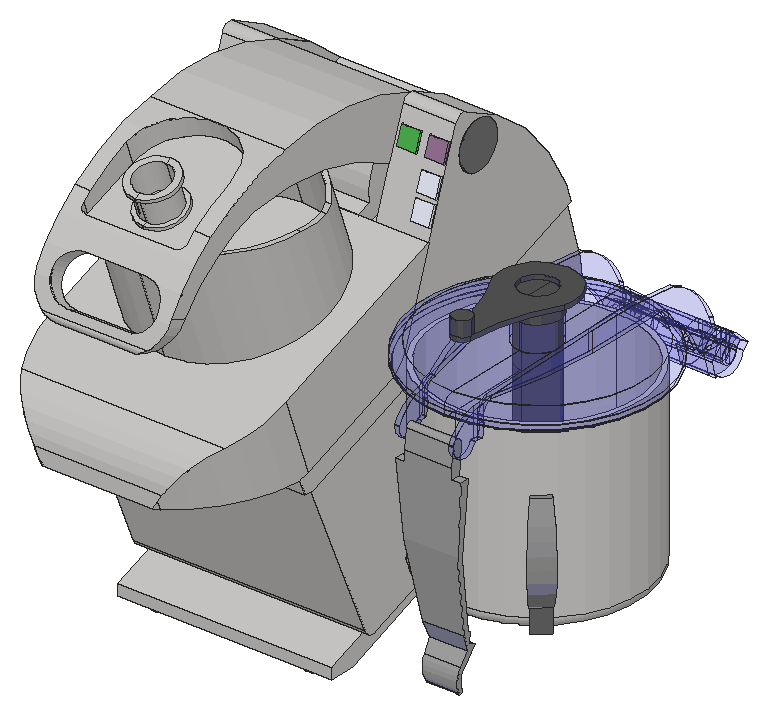
Revit family "QF_DITOSAMA_600428_DTRK45YA", category Specialty Equipment, Revit 2018
Family settings
  Round Connector Dimension = Use Diameter
  Part Type = Normal
  Work Plane-Based = No
  Always vertical = Yes
  Cut with Voids When Loaded = No
  Shared = No
  Room Calculation Point = No
Parameters (values of type "QF_DITO SAMA_600428_DTRK45YA")
  Weight = 27.40 kg
  Watts = 0 W
  Volts = 200 V
  URL Manufacturer = "http://www.ditosama.com"
  URL = "http://www.ditosama.com"
  Steam Supply Size = 0 mm
  Steam Supply Minimum Pressure = 0.0 Pa
  Steam Supply Maximum Pressure = 0.0 Pa
  Steam Pounds per Hour = 0
  Refrigeration Suction Line Size = 0 mm
  Refrigeration Liquid Line Size = 0 mm
  Refrigerant Compressor Remote = yes
  Manufacturer = "Dito Sama"
  Phase = 1
  Model = "DTRK45YA"
  Length Actual = 252 mm  # constant formula
  Item Number = "600428"
  Hot Water Size = 0 mm
  Height Actual = 505 mm  # constant formula
  HP = "1.3 HP"
  Gas Size = 0 mm
  Gas KW = 0
  Gas Input Pressure = 0 W
  Direct Waste Size = 0 mm
  Description = "CUTTER/SLICER 4.5L VARIAB.SPEED-1000W-200-240/1/50-60-AUSTRALIA"
  Depth Actual = 485 mm  # constant formula
  Cycle = 60 Hz
  Condensate Return Size = 0 mm
  Compressed Air Volume = 0.0 L/s
  Compressed Air Size = 0 mm
  Compressed Air Pressure = 0.0 Pa
  Cold Water Size = 0 mm
  Accessory = yes
Reference planes
  plane 1 "Center (Front/Back)": y = 0
  plane 2: z = 0
  plane 3 "Center (Left/Right)": x = 0
  plane 4 "BASE": through (-1506.947, -1354.442, -482.669) normal (0, -0.342, 0.9397)
  plane 5 "TOP": z = 725
  plane 6 "FRONT": y = -250
  plane 7 "BACK": y = 250
  plane 8 "LEFT": x = -126
  plane 9 "RIGHT": x = 126
  plane 10 "BaseSup": through (4267.2, -355.454, 143.983) normal (0, -0.342, 0.9397)
  plane 11 "TopCylinder": z = 505
  plane 12 "panel": through (4267.2, 37.396, 376.789) normal (0, -0.9397, 0.342)
  plane 13 "TAN1": through (4267.2, -242.8, 386.84) normal (0, -0.868, 0.4965)
  plane 14 "cx": x = -4.392
  plane 15: z = 490
  plane 16: z = 685
  plane 17 "EI_1": z = 320
  plane 18: z = 224
  plane 19 "SupportOblique": through (4267.2, 163.975, 96.815) normal (0, 0.809, 0.5878)
  plane 20 "CX2": x = 350
Forms (mm)
  Extrusion 1, solid, material "QF_Finishes_Stainless Steel"
    sketch origin (0, 71.755, 29.173) x (0, 0.939693, 0.34202) y (0, -0.34202, 0.939693)
      loop
        line (196.964, 40) -> (-146.726, 40) -> (-150.519, 29.578) -> (-124.204, 20) -> (196.964, 20) -> (196.964, 40)
    from -114.1 to 114.1
  Extrusion 2, solid, material "QF_Finishes_Stainless Steel"
    sketch origin (0, 71.755, 29.173) x (0, 0.939693, 0.34202) y (0, -0.34202, 0.939693)
      loop
        arc (-117.754, 231.836) -> (-115.679, 141.222) -> (-107.501, 50.953) r 1344.145
        arc (-107.501, 50.953) -> (-103.371, 43.13) -> (-95.098, 40) r 12.5
        line (-95.098, 40) -> (191.415, 40)
        arc (191.415, 40) -> (200.799, 44.052) -> (207.001, 52.177) r 20.212
        arc (207.001, 52.177) -> (236.663, 139.796) -> (245.906, 231.836) r 409.593
        line (245.906, 231.836) -> (-117.754, 231.836)
    from -123.6 to 123.2
  Extrusion 3, solid, material "QF_Finishes_Stainless Steel"
    sketch origin (0, 71.755, 29.173) x (0, 0.939693, 0.34202) y (0, -0.34202, 0.939693)
      loop
        line (-117.754, 231.836) -> (250, 231.836) -> (250, 254)
        arc (250, 254) -> (225.127, 344.7) -> (167.861, 419.303) r 244.524
        arc (167.861, 419.303) -> (160.498, 421.774) -> (153.587, 418.23) r 10
        line (153.587, 418.23) -> (25.432, 265.5)
        arc (25.432, 265.5) -> (14.376, 257.016) -> (0.77, 254) r 32.194
        line (0.77, 254) -> (-128.224, 254) -> (-128.224, 236.946) -> (-117.754, 231.836)
    from -125 to 125
  Extrusion 4, void
    sketch origin (0, 71.755, 29.173) x (0, 0.939693, 0.34202) y (0, -0.34202, 0.939693)
      loop
        line (146.605, 338.403) -> (228.145, 338.403)
        arc (228.145, 338.403) -> (202.221, 381.996) -> (167.861, 419.303) r 244.524
        arc (167.861, 419.303) -> (160.498, 421.774) -> (153.587, 418.23) r 10
        line (153.587, 418.23) -> (72.34, 321.403) -> (146.605, 321.403) -> (146.605, 338.403)
    from -76.755 to 68.071
  Extrusion 5, solid, material "QF_Finishes_Stainless Steel"
    sketch origin (0, 71.755, 29.173) x (0, 0.939693, 0.34202) y (0, -0.34202, 0.939693)
      loop
        line (86.605, 338.403) -> (69.605, 321.403) -> (146.605, 321.403) -> (146.605, 338.403) -> (138.179, 338.403) -> (138.179, 369.367)
        arc (138.179, 369.367) -> (147.784, 373.474) -> (158.149, 372.174) r 19.987
        arc (158.149, 372.174) -> (156.791, 382.001) -> (162.888, 389.826) r 12.748
        arc (162.888, 389.826) -> (123.302, 374.774) -> (101.605, 338.403) r 64.447
        line (101.605, 338.403) -> (86.605, 338.403)
    from -65 to 50
  Extrusion 6, solid, material "QF_Finishes_Stainless Steel"
    sketch origin (539, 71.755, 29.173) x (0, -0.939693, -0.34202) y (0, -0.34202, 0.939693)
      loop
        circle (-169.102, 378.696) r 12.748
    from 489 to 604
  Extrusion 7, solid, material "QF_Finishes_Rubber Black"
    sketch origin (0, 71.755, 29.173) x (0, 0.939693, 0.34202) y (0, -0.34202, 0.939693)
      loop
        circle (169.102, 378.696) r 25
    from 125 to 126.6
  Extrusion 8, solid, material "QF_Finishes_Green"
    sketch origin (-10, -113.728, -38.42) x (0, -0.34202, -0.939693) y (1, 0, 0)
      loop
        line (-529.862, 82.865) -> (-509.862, 82.865) -> (-509.862, 102.865) -> (-529.862, 102.865) -> (-529.862, 82.865)
    from 0 to 1.6
  Extrusion 9, solid, material "QF_Finishes_Red"
    sketch origin (20, -113.728, -38.42) x (0, -0.34202, -0.939693) y (1, 0, 0)
      loop
        line (-529.862, 82.865) -> (-509.862, 82.865) -> (-509.862, 102.865) -> (-529.862, 102.865) -> (-529.862, 82.865)
    from 0 to 1.6
  Extrusion 10, solid, material "QF_Finishes_White"
    sketch origin (19.976, -149.421, -75.636) x (0, -0.34202, -0.939693) y (1, 0, 0)
      loop
        line (-521.192, 82.865) -> (-501.192, 82.865) -> (-501.192, 102.865) -> (-521.192, 102.865) -> (-521.192, 82.865)
    from 0 to 1.6
  Extrusion 11, solid, material "QF_Finishes_Rubber Black"
    sketch origin (-20, -293.925, 99.376) x (0, -1, 0) y (1, 0, 0)
      loop
        circle (-230.144, 103.748) r 10
      loop
        circle (-230.144, -61.252) r 10
    from 9.274 to 3.787
  Extrusion 12, void
    sketch origin (-20.94, 306.731, 139.428) x (-1, 0, 0) y (0, -0.34202, 0.939693)
      loop
        circle (-20.94, 196.093) r 10
    from -1.916 to -26.433
  Extrusion 13, solid, material "QF_Finishes_Stainless Steel"
    sketch origin (-20.94, 306.678, 139.573) x (-1, 0, 0) y (0, -0.34202, 0.939693)
      loop
        circle (-20.94, 195.939) r 9.999
    from -8.514 to -26.433
  Extrusion 14, solid, material "QF_Finishes_Stainless Steel"
    sketch origin (0, -15.119, 267.855) x (0, -0.939693, -0.34202) y (1, 0, 0)
      loop
        line (-86.605, -125) -> (117.754, -125)
        arc (117.754, -125) -> (182.577, -108.838) -> (232.224, -64.135) r 138.076
        arc (232.224, -64.135) -> (246.337, -33.516) -> (250, 0) r 104.824
        arc (250, 0) -> (246.337, 33.516) -> (232.224, 64.135) r 104.824
        arc (232.224, 64.135) -> (182.577, 108.838) -> (117.754, 125) r 138.076
        line (117.754, 125) -> (-86.605, 125) -> (-86.605, -125)
    from 0 to 84.403
  Extrusion 15, void
    sketch origin (0, 71.755, 29.173) x (0, 0.939693, 0.34202) y (0, -0.34202, 0.939693)
      loop
        line (-183.149, 338.403) -> (-263.395, 338.403) -> (-263.395, 254) -> (-128.224, 254) -> (-235.716, 293.124) -> (-229.509, 307.133)
        arc (-229.509, 307.133) -> (-211.109, 329.855) -> (-183.149, 338.403) r 50
      loop
        line (86.605, 338.403) -> (25.432, 265.5)
        arc (25.432, 265.5) -> (14.376, 257.016) -> (0.77, 254) r 32.194
        line (0.77, 254) -> (86.605, 254) -> (86.605, 338.403)
    from -156.555 to 144.79
  Extrusion 16, solid, material "QF_Finishes_Rubber Black"
    sketch origin (-20, -255.757, 37.007) x (0, -0.939693, -0.34202) y (1, 0, 0)
      loop
        circle (-230.144, 103.748) r 10
      loop
        circle (-230.144, -61.252) r 10
    from -1.968 to 3.787
  Extrusion 17, solid, material "QF_Finishes_Stainless Steel"
    sketch origin (0, 0, 0) x (0, 1, 0) y (0, 0, 1)
      loop
        arc (-237.987, 360.286) -> (-193.334, 422.101) -> (-125.907, 457.716) r 167.502
        arc (-125.907, 457.716) -> (-32.614, 457.202) -> (54.785, 424.565) r 266.494
        line (54.785, 424.565) -> (73.036, 474.711)
        arc (73.036, 474.711) -> (77.269, 479.853) -> (83.792, 481.198) r 10
        arc (83.792, 481.198) -> (1.801, 503.572) -> (-83.051, 498.734) r 263.981
        arc (-83.051, 498.734) -> (-135.605, 484.534) -> (-183.511, 458.675) r 236.13
        arc (-183.511, 458.675) -> (-222.818, 420.732) -> (-248.457, 372.49) r 174.407
        arc (-248.457, 372.49) -> (-249.83, 368.135) -> (-247.05, 364.513) r 4.945
        line (-247.05, 364.513) -> (-237.987, 360.286)
    from -76.755 to 68.071
  Extrusion 18, void
    sketch origin (0, -252.846, 369.279) x (0, -0.496521, -0.868025) y (1, 0, 0)
      loop
        line (-13.723, -36.755) -> (-13.723, 28.071)
        arc (-13.723, 28.071) -> (-38.723, 53.071) -> (-63.723, 28.071) r 25
        line (-63.723, 28.071) -> (-63.723, -36.755)
        arc (-63.723, -36.755) -> (-38.723, -61.755) -> (-13.723, -36.755) r 25
    from -148.493 to 7.125
  Extrusion 19, void
    sketch origin (0, -88.076, 32.057) x (0, -0.34202, -0.939693) y (1, 0, 0)
      loop
        line (-257.162, 68.071) -> (-297.162, 68.071)
        arc (-297.162, 68.071) -> (-268.878, 56.356) -> (-257.162, 28.071) r 40
        line (-257.162, 28.071) -> (-257.162, 68.071)
      loop
        line (-257.162, -76.755) -> (-257.162, -36.755)
        arc (-257.162, -36.755) -> (-268.878, -65.039) -> (-297.162, -76.755) r 40
        line (-297.162, -76.755) -> (-257.162, -76.755)
    from 233.374 to 280.473
  Extrusion 20, void
    sketch origin (0, -73.76, 246.511) x (0, -0.939693, -0.34202) y (1, 0, 0)
      loop
        spline (50.415, 43.499) -> (50.302, 44.538) -> (50.07, 45.551) -> (49.722, 46.523) -> (49.265, 47.436) -> (48.705, 48.278) -> (48.053, 49.034) -> (47.317, 49.692) -> (46.511, 50.241) -> (45.647, 50.674) -> (44.738, 50.981) -> (43.801, 51.16) -> (42.848, 51.221)
        line (42.848, 51.221) -> (-21.826, 51.221)
        arc (-21.826, 51.221) -> (-77.476, -4.429) -> (-21.826, -60.078) r 55.65
        line (-21.826, -60.078) -> (42.849, -60.064)
        spline (42.849, -60.064) -> (43.796, -60.017) -> (44.73, -59.836) -> (45.637, -59.525) -> (46.5, -59.088) -> (47.306, -58.532) -> (48.042, -57.867) -> (48.695, -57.103) -> (49.256, -56.253) -> (49.715, -55.331) -> (50.065, -54.351) -> (50.3, -53.329) -> (50.415, -52.283)
        line (50.415, -52.283) -> (50.415, 43.499)
    from 219.928 to 259.975
  Extrusion 21, void
    sketch origin (0, -87.856, 241.381) x (0, -0.939693, -0.34202) y (1, 0, 0)
      loop
        circle (-4.976, -4.429) r 22.5
    from 184.171 to 259.975
  Extrusion 22, solid, material "QF_Finishes_Stainless Steel"
    sketch origin (0, -57.13, 252.564) x (0, -0.939693, -0.34202) y (1, 0, 0)
      loop
        circle (-27.476, -4.429) r 100
      loop
        circle (-27.476, -4.429) r 95
    from 84.403 to 219.928
  Extrusion 23, void
    sketch origin (539, 0, 0) x (0, -1, 0) y (0, 0, 1)
      loop
        line (-7.229, 448.453) -> (38.883, 431.669) -> (53.883, 431.669) -> (97.232, 435.738) -> (172.232, 435.738) -> (200.5, 434.424) -> (12.562, 502.828) -> (-7.229, 448.453)
    from 424.9 to 664
  Revolve 24, solid, material "QF_Finishes_Stainless Steel"
    sketch origin (-4.392, 0, 0) x (0, 1, 0) y (0, 0, 1)
      loop
        line (-159.523, 452.833) -> (-177.266, 446.376) -> (-188.766, 477.973) -> (-195.199, 475.631) -> (-193.959, 472.225) -> (-189.261, 473.935) -> (-179, 445.744) -> (-183.698, 444.034) -> (-182.575, 440.948) -> (-179.543, 442.052) -> (-133.191, 314.7) -> (-112.048, 322.396) -> (-159.523, 452.833)
      axis (-112.048, 322.396) -> (-171.023, 484.431)
    angle from 0 to 360
  Extrusion 25, solid, material "QF_Door-Drawer Clearances", detail levels coarse
    sketch origin (0, -262.072, 735.095) x (0, -0.581279, -0.813704) y (0, 0.813704, -0.581279)
      loop
        arc (-237.987, 360.286) -> (-193.334, 422.101) -> (-125.907, 457.716) r 167.502
        arc (-125.907, 457.716) -> (-61.925, 460.915) -> (0.971, 448.753) r 266.494
        arc (0.971, 448.753) -> (-2.208, 475.472) -> (-2.432, 502.379) r 244.524
        arc (-2.432, 502.379) -> (-31.549, 503.211) -> (-60.594, 500.999) r 278.64
        arc (-60.594, 500.999) -> (-125.023, 488.463) -> (-183.511, 458.675) r 236.13
        arc (-183.511, 458.675) -> (-222.818, 420.732) -> (-248.457, 372.49) r 174.407
        arc (-248.457, 372.49) -> (-249.83, 368.135) -> (-247.05, 364.513) r 4.945
        line (-247.05, 364.513) -> (-237.987, 360.286)
    from -76.755 to 68.071
  Extrusion 26, solid, material "QF_Door-Drawer Clearances", detail levels coarse
    sketch origin (-4.392, 0, -55) x (0, 1, 0) y (0, 0, 1)
      loop
        arc (180.062, 780.324) -> (-149.234, 694.151) -> (-249.905, 368.994) r 350.321
        line (-249.905, 368.994) -> (-246.546, 377.767)
        arc (-246.546, 377.767) -> (-144.345, 691.9) -> (174.993, 776.44) r 345.321
        line (174.993, 776.44) -> (180.062, 780.324)
    from -60 to 60
  Extrusion 27, solid, material "QF_Finishes_Rubber Black"
    sketch origin (-20, -20.834, 122.512) x (0, -0.939693, -0.34202) y (1, 0, 0)
      loop
        circle (-230.144, 103.748) r 10
      loop
        circle (-230.144, -61.252) r 10
    from -1.968 to 3.787
  Extrusion 28, void
    sketch origin (-4.392, 0, 0) x (0, 1, 0) y (0, 0, 1)
      loop
        circle (163.975, 96.815) r 5.399
    from -121.608 to 130.392
  Sweep 29, solid, material "QF_Finishes_Stainless Steel"
    path origin (0, 153.361, 111.423) x (0, -0.587785, 0.809017) y (1, 0, 0)
      loop
        line (-133.401, 56) -> (-133.401, 112.5)
        arc (-133.401, 112.5) -> (-130.472, 119.571) -> (-123.401, 122.5) r 10
        line (-123.401, 122.5) -> (-28.058, 122.5)
        arc (-28.058, 122.5) -> (-20.987, 119.571) -> (-18.058, 112.5) r 10
        line (-18.058, 112.5) -> (-18.058, -112.5)
        arc (-18.058, -112.5) -> (-20.987, -119.571) -> (-28.058, -122.5) r 10
        line (-28.058, -122.5) -> (-123.401, -122.5)
        arc (-123.401, -122.5) -> (-130.472, -119.571) -> (-133.401, -112.5) r 10
        line (-133.401, -112.5) -> (-133.401, -56)
    profile origin (84.25, 231.772, 3.5) x (0, 0.587785, -0.809017) y (0, 0.809017, 0.587785)
      loop
        circle (0, 0) r 3.5
  Extrusion 30, void
    sketch origin (-4.392, 0, 0) x (0, 1, 0) y (0, 0, 1)
      loop
        line (50.281, 42.641) -> (71.708, 50.44) -> (64.376, 57.771) -> (50.281, 52.641) -> (50.281, 42.641)
    from -119.208 to -51.608
  Extrusion 31, void
    sketch origin (4.392, 0, 0) x (0, 1, 0) y (0, 0, -1)
      loop
        line (50.281, -42.641) -> (50.281, -52.641) -> (64.376, -57.771) -> (71.708, -50.44) -> (50.281, -42.641)
    from -119.208 to -51.608
  Extrusion 32, solid, material "QF_Door-Drawer Clearances", detail levels coarse
    sketch origin (350, -160.4, -17.118) x (0, -0.34202, -0.939693) y (0, -0.939693, 0.34202)
      loop
        line (-206.754, 118.191) -> (-331.133, -223.538)
        arc (-331.133, -223.538) -> (-241.482, -246.331) -> (-149.003, -248.426) r 409.593
        arc (-149.003, -248.426) -> (-139.246, -245.378) -> (-132.229, -237.945) r 20.212
        line (-132.229, -237.945) -> (-34.236, 31.289)
        arc (-34.236, 31.289) -> (-34.347, 40.134) -> (-40.286, 46.691) r 12.5
        arc (-40.286, 46.691) -> (-122.314, 85.249) -> (-206.754, 118.191) r 1344.145
    from -123.6 to 123.2
  Extrusion 33, solid, material "QF_Door-Drawer Clearances", detail levels coarse
    sketch origin (350, -160.4, -17.118) x (0, -0.34202, -0.939693) y (0, -0.939693, 0.34202)
      loop
        line (-134.127, -243.16) -> (-115.333, -250) -> (-5.487, 51.799) -> (-5.487, 79.803) -> (-16.578, 79.803) -> (-134.127, -243.16)
    from -114.1 to 114.1
  Extrusion 34, solid, material "QF_Door-Drawer Clearances", detail levels coarse
    sketch origin (330, -388.076, 105.131) x (0, -1, 0) y (1, 0, 0)
      loop
        circle (-230.144, 103.748) r 10
      loop
        circle (-230.144, -61.252) r 10
    from -1.968 to 3.787
  Extrusion 35, solid, material "QF_Door-Drawer Clearances", detail levels coarse
    sketch origin (330, -138.076, 105.131) x (0, -1, 0) y (1, 0, 0)
      loop
        circle (-230.144, 103.748) r 10
      loop
        circle (-230.144, -61.252) r 10
    from -1.968 to 3.787
  Extrusion 36, solid, material "QF_Door-Drawer Clearances", detail levels coarse
    sketch origin (0, 250, 0) x (-1, 0, 0) y (0, 0, 1)
      loop
        circle (-350, 200) r 10
    from -89.12 to -78.665
  Extrusion 37, solid, material "QF_Finishes_White"
    sketch origin (19.976, -140.87, -52.143) x (0, -0.34202, -0.939693) y (1, 0, 0)
      loop
        line (-521.192, 82.865) -> (-501.192, 82.865) -> (-501.192, 102.865) -> (-521.192, 102.865) -> (-521.192, 82.865)
    from 0 to 1.6
Cuts and joins
  Extrusion 4, Extrusion 19, Extrusion 20, Extrusion 21 cuts Extrusion 3
  Extrusion 15, Extrusion 19, Extrusion 20, Extrusion 21 cuts Extrusion 14
  Extrusion 18, Extrusion 19, Extrusion 20, Extrusion 21 cuts Extrusion 17
  Extrusion 12, Extrusion 20, Extrusion 21 cuts Extrusion 2
  Extrusion 23 cuts Extrusion 22
  Extrusion 28, Extrusion 30, Extrusion 31 cuts Extrusion 1
Lines and regions (mm)
  symbolic lines
    curve 1: line (-76.755, 170.4, 0) -> (-76.755, -235.217, 0)
    curve 2: line (68.071, -235.135, 0) -> (68.071, 170.4, 0)
    curve 3: line (-76.755, 83.792, 0) -> (68.071, 83.792, 0)
    curve 4: line (-76.755, 170.4, 0) -> (68.071, 170.4, 0)
    curve 5: line (68.071, -83.051, 0) -> (-76.755, -83.051, 0)
    curve 6: line (-60.078, -136.967, 0) -> (51.221, -136.967, 0)
    curve 7: line (-60.078, -128.47, 0) -> (-60.078, -194.06, 0)
    curve 8: line (51.221, -193.76, 0) -> (51.221, -128.47, 0)
    curve 9: spline (-52.282, -199.891, 0) -> (-53.276, -199.815, 0) -> (-54.25, -199.647, 0) -> (-55.19, -199.39, 0) -> (-56.081, -199.046, 0) -> (-56.909, -198.622, 0) -> (-57.663, -198.124, 0) -> (-58.331, -197.559, 0) -> (-58.902, -196.936, 0) -> (-59.369, -196.264, 0) -> (-59.724, -195.553, 0) -> (-59.961, -194.815, 0) -> (-60.078, -194.06, 0)
    curve 10: line (43.499, -199.901, 0) -> (-52.283, -199.901, 0)
    curve 11: spline (51.218, -193.76, 0) -> (51.156, -194.554, 0) -> (50.964, -195.333, 0) -> (50.645, -196.085, 0) -> (50.204, -196.798, 0) -> (49.648, -197.459, 0) -> (48.986, -198.058, 0) -> (48.229, -198.586, 0) -> (47.39, -199.033, 0) -> (46.483, -199.392, 0) -> (45.521, -199.658, 0) -> (44.521, -199.826, 0) -> (43.499, -199.893, 0)
    curve 12: spline (-4.392, -146.848, 0) -> (-11.05, -147.672, 0) -> (-17.255, -150.087, 0) -> (-22.583, -153.929, 0) -> (-26.672, -158.936, 0) -> (-29.242, -164.766, 0) -> (-30.119, -171.023, 0) -> (-29.242, -177.28, 0) -> (-26.672, -183.111, 0) -> (-22.583, -188.118, 0) -> (-17.255, -191.96, 0) -> (-11.05, -194.375, 0) -> (-4.392, -195.199, 0)
    curve 13: spline (-4.392, -195.199, 0) -> (2.267, -194.375, 0) -> (8.472, -191.96, 0) -> (13.8, -188.118, 0) -> (17.888, -183.111, 0) -> (20.459, -177.28, 0) -> (21.335, -171.023, 0) -> (20.459, -164.766, 0) -> (17.888, -158.936, 0) -> (13.8, -153.929, 0) -> (8.472, -150.087, 0) -> (2.267, -147.672, 0) -> (-4.392, -146.848, 0)
    curve 14: spline (-4.392, -188.766, 0) -> (-9.279, -188.162, 0) -> (-13.832, -186.389, 0) -> (-17.743, -183.569, 0) -> (-20.744, -179.895, 0) -> (-22.63, -175.616, 0) -> (-23.273, -171.023, 0) -> (-22.63, -166.431, 0) -> (-20.744, -162.152, 0) -> (-17.743, -158.477, 0) -> (-13.832, -155.658, 0) -> (-9.279, -153.885, 0) -> (-4.392, -153.281, 0)
    curve 15: spline (-4.392, -153.281, 0) -> (0.495, -153.885, 0) -> (5.049, -155.658, 0) -> (8.96, -158.477, 0) -> (11.96, -162.152, 0) -> (13.846, -166.431, 0) -> (14.49, -171.023, 0) -> (13.846, -175.616, 0) -> (11.96, -179.895, 0) -> (8.96, -183.569, 0) -> (5.049, -186.389, 0) -> (0.495, -188.162, 0) -> (-4.392, -188.766, 0)
    curve 16: spline (-22.254, -165.273, 0) -> (-20.617, -168.597, 0) -> (-18.289, -171.534, 0) -> (-15.368, -173.96, 0) -> (-11.98, -175.77, 0) -> (-8.268, -176.888, 0) -> (-4.392, -177.266, 0) -> (-0.515, -176.888, 0) -> (3.197, -175.77, 0) -> (6.585, -173.96, 0) -> (9.505, -171.534, 0) -> (11.834, -168.597, 0) -> (13.471, -165.273, 0)
    curve 17: spline (21.106, -162.743, 0) -> (21.02, -155.749, 0) -> (18.807, -149.071, 0) -> (14.651, -143.268, 0) -> (8.902, -138.825, 0) -> (2.04, -136.115, 0) -> (-5.361, -135.365, 0) -> (-12.68, -136.637, 0) -> (-19.306, -139.824, 0) -> (-24.683, -144.661, 0) -> (-28.361, -150.742, 0) -> (-30.034, -157.558, 0) -> (-29.559, -164.538, 0)
    curve 18: spline (15.591, -154.349, 0) -> (13.851, -150.277, 0) -> (11.185, -146.674, 0) -> (7.729, -143.723, 0) -> (3.657, -141.574, 0) -> (-0.824, -140.337, 0) -> (-5.485, -140.073, 0) -> (-10.091, -140.797, 0) -> (-14.408, -142.471, 0) -> (-18.216, -145.011, 0) -> (-21.322, -148.287, 0) -> (-23.569, -152.134, 0) -> (-24.843, -156.356, 0)
    curve 19: line (-36.755, -245.358, 0) -> (-36.755, -220.255, 0)
    curve 20: line (28.071, -220.255, 0) -> (28.071, -245.358, 0)
    curve 21: line (-36.755, -220.255, 0) -> (28.071, -220.255, 0)
    curve 22: line (-36.755, -231.961, 0) -> (28.071, -231.961, 0)
    curve 23: line (28.071, -245.358, 0) -> (-36.755, -245.358, 0)
    curve 24: arc (-36.755, -231.961, 0) -> (-47.346, -230.66, 0) -> (-57.309, -226.836, 0) r 43.78
    curve 25: arc (28.071, -231.961, 0) -> (38.611, -230.648, 0) -> (48.525, -226.836, 0) r 43.78
    curve 26: line (108.532, -216.09, 0) -> (68.016, -248.959, 0)
    curve 27: spline (108.532, -216.09, 0) -> (111.117, -211.341, 0) -> (113.492, -206.496, 0) -> (115.654, -201.564, 0) -> (117.598, -196.552, 0) -> (119.32, -191.469, 0) -> (120.82, -186.324, 0) -> (122.092, -181.125, 0) -> (123.137, -175.882, 0) -> (123.951, -170.603, 0) -> (124.533, -165.296, 0) -> (124.883, -159.972, 0) -> (125, -154.639, 0)
    curve 28: line (125, -154.639, 0) -> (125, 227.385, 0)
    curve 29: spline (63.971, -249.433, 0) -> (63.542, -249.481, 0) -> (63.11, -249.529, 0) -> (62.674, -249.577, 0) -> (62.235, -249.624, 0) -> (61.792, -249.672, 0) -> (61.346, -249.719, 0) -> (60.896, -249.766, 0) -> (60.442, -249.813, 0) -> (59.985, -249.86, 0) -> (59.525, -249.907, 0) -> (59.06, -249.954, 0) -> (58.593, -250, 0)
    curve 30: spline (68.016, -248.959, 0) -> (67.688, -248.999, 0) -> (67.358, -249.038, 0) -> (67.026, -249.078, 0) -> (66.693, -249.118, 0) -> (66.359, -249.157, 0) -> (66.022, -249.197, 0) -> (65.684, -249.236, 0) -> (65.345, -249.276, 0) -> (65.004, -249.315, 0) -> (64.661, -249.354, 0) -> (64.317, -249.394, 0) -> (63.971, -249.433, 0)
    curve 31: line (-68.016, -248.959, 0) -> (68.016, -248.959, 0)
    curve 32: line (-68.016, -248.959, 0) -> (-108.532, -216.09, 0)
    curve 33: spline (-63.971, -249.433, 0) -> (-64.317, -249.394, 0) -> (-64.661, -249.354, 0) -> (-65.004, -249.315, 0) -> (-65.345, -249.276, 0) -> (-65.684, -249.236, 0) -> (-66.022, -249.197, 0) -> (-66.359, -249.157, 0) -> (-66.693, -249.118, 0) -> (-67.026, -249.078, 0) -> (-67.358, -249.038, 0) -> (-67.688, -248.999, 0) -> (-68.016, -248.959, 0)
    curve 34: spline (-58.593, -250, 0) -> (-59.06, -249.954, 0) -> (-59.525, -249.907, 0) -> (-59.985, -249.86, 0) -> (-60.442, -249.813, 0) -> (-60.896, -249.766, 0) -> (-61.346, -249.719, 0) -> (-61.792, -249.672, 0) -> (-62.235, -249.624, 0) -> (-62.674, -249.577, 0) -> (-63.11, -249.529, 0) -> (-63.542, -249.481, 0) -> (-63.971, -249.433, 0)
    curve 35: line (-76.755, -235.217, 0) -> (-60.604, -248.457, 0)
    curve 36: spline (-125, -154.639, 0) -> (-124.883, -159.972, 0) -> (-124.533, -165.296, 0) -> (-123.951, -170.603, 0) -> (-123.137, -175.882, 0) -> (-122.092, -181.125, 0) -> (-120.82, -186.324, 0) -> (-119.32, -191.469, 0) -> (-117.598, -196.552, 0) -> (-115.654, -201.564, 0) -> (-113.492, -206.496, 0) -> (-111.117, -211.341, 0) -> (-108.532, -216.09, 0)
    curve 37: line (-125, 227.385, 0) -> (-125, -154.639, 0)
    curve 38: arc (-76.755, -160.023, 0) -> (-93.256, -130.498, 0) -> (-99.37, -97.232, 0) r 103.622
    curve 39: arc (-76.755, -168.026, 0) -> (-96.901, -135.101, 0) -> (-104.377, -97.232, 0) r 109.55
    curve 40: spline (-99.395, -97.232, 0) -> (-99.428, -93.546, 0) -> (-99.341, -89.86, 0) -> (-99.135, -86.178, 0) -> (-98.81, -82.506, 0) -> (-98.367, -78.845, 0) -> (-97.806, -75.201, 0) -> (-97.127, -71.576, 0) -> (-96.331, -67.976, 0) -> (-95.419, -64.402, 0) -> (-94.392, -60.86, 0) -> (-93.251, -57.352, 0) -> (-91.998, -53.883, 0)
    curve 41: arc (-91.998, -53.883, 0) -> (-88.614, -46.234, 0) -> (-84.624, -38.883, 0) r 103.541
    curve 42: spline (-84.624, -38.883, 0) -> (-84.026, -38.009, 0) -> (-83.417, -37.142, 0) -> (-82.798, -36.282, 0) -> (-82.167, -35.428, 0) -> (-81.527, -34.582, 0) -> (-80.876, -33.742, 0) -> (-80.214, -32.91, 0) -> (-79.543, -32.085, 0) -> (-78.861, -31.267, 0) -> (-78.169, -30.457, 0) -> (-77.467, -29.655, 0) -> (-76.755, -28.86, 0)
    curve 43: spline (-90.488, -38.883, 0) -> (-89.506, -37.356, 0) -> (-88.492, -35.846, 0) -> (-87.448, -34.355, 0) -> (-86.375, -32.883, 0) -> (-85.271, -31.43, 0) -> (-84.139, -29.997, 0) -> (-82.978, -28.585, 0) -> (-81.788, -27.193, 0) -> (-80.571, -25.823, 0) -> (-79.326, -24.476, 0) -> (-78.054, -23.15, 0) -> (-76.755, -21.847, 0)
    curve 44: arc (-97.398, -53.883, 0) -> (-94.227, -46.252, 0) -> (-90.488, -38.883, 0) r 109.406
    curve 45: spline (-104.397, -97.232, 0) -> (-104.428, -93.553, 0) -> (-104.346, -89.875, 0) -> (-104.151, -86.201, 0) -> (-103.844, -82.535, 0) -> (-103.425, -78.879, 0) -> (-102.894, -75.238, 0) -> (-102.252, -71.615, 0) -> (-101.499, -68.013, 0) -> (-100.637, -64.435, 0) -> (-99.665, -60.886, 0) -> (-98.585, -57.367, 0) -> (-97.398, -53.883, 0)
    curve 46: spline (-104.429, -60.179, 0) -> (-104.227, -54.213, 0) -> (-103.623, -48.272, 0) -> (-102.618, -42.379, 0) -> (-101.218, -36.558, 0) -> (-99.427, -30.832, 0) -> (-97.253, -25.224, 0) -> (-94.704, -19.758, 0) -> (-91.791, -14.454, 0) -> (-88.526, -9.335, 0) -> (-84.922, -4.421, 0) -> (-80.993, 0.268, 0) -> (-76.755, 4.714, 0)
    curve 47: line (-104.429, -60.179, 0) -> (-104.429, -91.125, 0)
    curve 48: line (-125, 37.396, 0) -> (-76.755, 37.396, 0)
    curve 49: line (-125, 227.385, 0) -> (125, 227.385, 0)
    curve 50: line (-125, 219.805, 0) -> (125, 219.805, 0)
    curve 51: line (-65, 113.885, 0) -> (50, 113.885, 0)
    curve 52: line (50, 113.885, 0) -> (50, 83.792, 0)
    curve 53: line (-65, 113.885, 0) -> (-65, 83.792, 0)
    curve 54: line (-65, 91.491, 0) -> (50, 91.491, 0)
    curve 55: line (50, 93.777, 0) -> (68.071, 93.777, 0)
    curve 56: line (-65, 93.777, 0) -> (-76.755, 93.777, 0)
    curve 57: line (72.865, 67.495, 0) -> (92.865, 67.495, 0)
    curve 58: line (72.865, 59.152, 0) -> (72.865, 67.495, 0)
    curve 59: line (92.865, 59.152, 0) -> (72.865, 59.152, 0)
    curve 60: line (92.865, 67.495, 0) -> (92.865, 59.152, 0)
    curve 61: line (102.865, 67.495, 0) -> (122.865, 67.495, 0)
    curve 62: line (102.865, 59.152, 0) -> (102.865, 67.495, 0)
    curve 63: line (122.865, 59.152, 0) -> (102.865, 59.152, 0)
    curve 64: line (122.865, 67.495, 0) -> (122.865, 59.152, 0)
    curve 65: line (102.841, 48.394, 0) -> (122.841, 48.394, 0)
    curve 66: line (102.841, 40.05, 0) -> (102.841, 48.394, 0)
    curve 67: line (122.841, 40.05, 0) -> (102.841, 40.05, 0)
    curve 68: line (122.841, 48.394, 0) -> (122.841, 40.05, 0)
    curve 69: line (92.865, 65.992, 0) -> (72.865, 65.992, 0)
    curve 70: line (122.865, 65.992, 0) -> (102.865, 65.992, 0)
    curve 71: line (122.841, 46.891, 0) -> (102.841, 46.891, 0)
    curve 72: line (-123.6, 250, 0) -> (123.2, 250, 0)
    curve 73: line (123.2, 227.385, 0) -> (123.2, 250, 0)
    curve 74: line (-123.6, 227.385, 0) -> (-123.6, 250, 0)
    curve 75: line (68.071, 37.396, 0) -> (125, 37.396, 0)
    curve 76: line (68.071, -235.135, 0) -> (51.82, -248.457, 0)
    curve 77: arc (68.071, -159.898, 0) -> (84.5, -130.423, 0) -> (90.587, -97.232, 0) r 103.622
    curve 78: arc (68.071, -167.913, 0) -> (88.145, -135.031, 0) -> (95.593, -97.232, 0) r 109.55
    curve 79: spline (90.612, -97.232, 0) -> (90.644, -93.546, 0) -> (90.558, -89.86, 0) -> (90.352, -86.178, 0) -> (90.027, -82.506, 0) -> (89.584, -78.845, 0) -> (89.022, -75.201, 0) -> (88.343, -71.576, 0) -> (87.547, -67.976, 0) -> (86.636, -64.402, 0) -> (85.609, -60.86, 0) -> (84.468, -57.352, 0) -> (83.214, -53.883, 0)
    curve 80: arc (83.214, -53.883, 0) -> (79.831, -46.234, 0) -> (75.841, -38.883, 0) r 103.541
    curve 81: spline (75.841, -38.883, 0) -> (75.25, -38.019, 0) -> (74.648, -37.162, 0) -> (74.036, -36.312, 0) -> (73.414, -35.468, 0) -> (72.781, -34.631, 0) -> (72.138, -33.801, 0) -> (71.485, -32.977, 0) -> (70.822, -32.161, 0) -> (70.149, -31.353, 0) -> (69.466, -30.551, 0) -> (68.774, -29.757, 0) -> (68.071, -28.97, 0)
    curve 82: spline (81.705, -38.883, 0) -> (80.729, -37.365, 0) -> (79.722, -35.865, 0) -> (78.685, -34.383, 0) -> (77.619, -32.92, 0) -> (76.523, -31.476, 0) -> (75.399, -30.051, 0) -> (74.246, -28.647, 0) -> (73.066, -27.263, 0) -> (71.857, -25.901, 0) -> (70.622, -24.56, 0) -> (69.36, -23.242, 0) -> (68.071, -21.946, 0)
    curve 83: arc (88.615, -53.883, 0) -> (85.443, -46.252, 0) -> (81.705, -38.883, 0) r 109.406
    curve 84: spline (95.614, -97.232, 0) -> (95.644, -93.553, 0) -> (95.562, -89.875, 0) -> (95.368, -86.201, 0) -> (95.061, -82.535, 0) -> (94.641, -78.879, 0) -> (94.111, -75.238, 0) -> (93.469, -71.615, 0) -> (92.716, -68.013, 0) -> (91.853, -64.435, 0) -> (90.882, -60.886, 0) -> (89.802, -57.367, 0) -> (88.615, -53.883, 0)
    curve 85: spline (95.645, -60.179, 0) -> (95.444, -54.225, 0) -> (94.842, -48.295, 0) -> (93.842, -42.413, 0) -> (92.446, -36.602, 0) -> (90.662, -30.886, 0) -> (88.496, -25.287, 0) -> (85.957, -19.829, 0) -> (83.055, -14.533, 0) -> (79.802, -9.421, 0) -> (76.21, -4.512, 0) -> (72.295, 0.173, 0) -> (68.071, 4.615, 0)
    curve 86: line (95.645, -60.179, 0) -> (95.645, -91.125, 0)
    curve 87: line (102.841, 56.945, 0) -> (122.841, 56.945, 0)
    curve 88: line (122.841, 55.441, 0) -> (102.841, 55.441, 0)
    curve 89: line (102.841, 56.945, 0) -> (102.841, 48.394, 0)
    curve 90: line (102.841, 48.601, 0) -> (122.841, 48.601, 0)
    curve 91: line (122.841, 48.601, 0) -> (122.841, 56.945, 0)
Dimensions and locks
  plane 5 "TOP" to level = 725 mm  (x2)
  plane 8 "LEFT" to plane 3 "Center (Left/Right)" to plane 9 "RIGHT" = 126 mm, 126 mm
  plane 7 "BACK" to plane 1 "Center (Front/Back)" to plane 6 "FRONT" = 250 mm, 250 mm
  plane 5 "TOP" to plane 2 = 725 mm
  plane 5 "TOP" to plane 11 "TopCylinder" = 220 mm
  plane 6 "FRONT" to plane 7 "BACK" = 500 mm
  plane 7 "BACK" to plane 6 "FRONT" = 500 mm
  plane 11 "TopCylinder" to level = 505 mm  (x2)
  plane 15 to level = 490 mm  (x2)
  plane 16 to level = 685 mm
  plane 17 "EI_1" to level = 320 mm
  plane 18 to level = 224 mm
  plane 16 to plane 2 = 685 mm
  plane 9 "RIGHT" to plane 8 "LEFT" = 252 mm
  aligned and locked: level to plane 2
Nested families
  nested 1: "600428_BOWL" at (360, -39.665, -20.592), type "600428_BOWL"
Connectors
  electrical at (0, 231.662, 320.783), driven by "Volts"
    settings: on Extrusion 13, index 1, voltage 200 V, apparent load 0 VA, apparent load phase1 0 VA, apparent load phase2 0 VA, apparent load phase3 0 VA, power factor 1, load classification "Other", number of poles 1, system type 30, power factor state 1, is connector primary yes, connector utility no, sub classification motor no, connector description "Electrical Connection"
Definition of nested family "600428_BOWL"
  Reference planes
    plane 1 "Center (Front/Back)": y = 0
    plane 2: z = 0
    plane 3 "Center (Left/Right)": x = 0
    plane 4 "TOP": z = 705.4
    plane 5 "FRONT": y = -211
    plane 6 "BACK": y = 211
    plane 7 "LEFT": x = -128
    plane 8 "RIGHT": x = 128
    plane 9 "CenterX": x = -10
    plane 10 "Maniglia": through (-10, -59.177, 4000) normal (0.766, 0.6428, 0)
    plane 11 "Panel": through (4267.2, 107.252, 388.448) normal (0, 0.766, -0.6428)
    plane 12: z = 510
  Forms (mm)
    Revolve 1, solid
      sketch origin (-10, 0, 0) x (0, -1, 0) y (0, 0, 1)
        loop
          line (59.177, 490.527) -> (28.516, 490.527) -> (35.424, 483.619) -> (35.424, 470.527) -> (38.194, 470.527) -> (38.194, 356.104) -> (59.177, 356.104) -> (59.177, 490.527)
        axis (59.177, 356.104) -> (59.177, 490.527)
      angle from 0 to 360
    Extrusion 2, solid
      sketch origin (0, 0, 0) x (1, 0, 0) y (0, 1, 0)
        loop
          arc (-48.167, -71.147) -> (-28.951, -114.517) -> (-19.956, -161.093) r 210.055
          arc (-19.956, -161.093) -> (-10, -170.155) -> (-0.044, -161.093) r 10
          arc (-0.044, -161.093) -> (8.951, -114.517) -> (28.167, -71.147) r 210.055
          arc (28.167, -71.147) -> (-10, -19.177) -> (-48.167, -71.147) r 40
      from 490.527 to 495.013
    Extrusion 3, solid
      sketch origin (0, 0, 0) x (1, 0, 0) y (0, 1, 0)
        loop
          circle (-10, -160.155) r 10
      from 495.013 to 510.592
    Extrusion 4, void
      sketch origin (0, 0, 0) x (1, 0, 0) y (0, 1, 0)
        loop
          circle (-10, -59.177) r 19
      from 467.615 to 512.796
    Extrusion 5, void
      sketch origin (-20, 0, 0) x (-1, 0, 0) y (0, -1, 0)
        loop
          line (16.15, 177.864) -> (16.15, -123.86) -> (35.771, -123.86) -> (35.771, 48.192)
          arc (35.771, 48.192) -> (30.047, 105.502) -> (17.781, 161.776) r 500.876
          line (17.781, 161.776) -> (17.781, 171.776) -> (16.15, 177.864)
        loop
          line (40.771, -123.86) -> (45.852, -123.86) -> (45.852, 210.681) -> (21.15, 210.681) -> (21.15, 178.522) -> (22.781, 172.434) -> (22.781, 162.459)
          arc (22.781, 162.459) -> (35.047, 105.893) -> (40.771, 48.297) r 505.876
          line (40.771, 48.297) -> (40.771, -123.86)
      from 381.652 to 477.521
    Extrusion 6, solid
      sketch origin (-20, 0, 0) x (0, 1, 0) y (0, 0, -1)
        loop
          line (-173.064, -409.647) -> (-181.147, -409.647)
          arc (-181.147, -409.647) -> (-199.354, -399.982) -> (-210.844, -417.096) r 15.391
          arc (-210.844, -417.096) -> (-202.04, -429.372) -> (-189.058, -437.099) r 36.946
          arc (-189.058, -437.099) -> (-65.868, -463.241) -> (59.99, -458.888) r 518.061
          arc (59.99, -458.888) -> (92.246, -438.11) -> (113.023, -405.855) r 90.696
          arc (113.023, -405.855) -> (114.903, -399.662) -> (115.972, -393.28) r 50.278
          arc (115.972, -393.28) -> (121.968, -392.806) -> (127.203, -389.844) r 13.902
          arc (127.203, -389.844) -> (135.322, -382.188) -> (143.082, -374.167) r 242.898
          line (143.082, -374.167) -> (137.378, -368.464)
          arc (137.378, -368.464) -> (123.613, -353.84) -> (104.088, -358.543) r 20
          line (104.088, -358.543) -> (99.34, -358.543)
          arc (99.34, -358.543) -> (88.098, -393.587) -> (65.823, -422.884) r 108.872
          line (65.823, -422.884) -> (50.823, -422.884)
          arc (50.823, -422.884) -> (52.796, -423.701) -> (53.614, -425.674) r 2.79
          line (53.614, -425.674) -> (53.614, -430.892)
          arc (53.614, -430.892) -> (50.154, -439.244) -> (41.802, -442.703) r 11.812
          line (41.802, -442.703) -> (-160.307, -442.703)
          arc (-160.307, -442.703) -> (-168.659, -439.244) -> (-172.119, -430.892) r 11.812
          line (-172.119, -430.892) -> (-172.119, -425.826)
          arc (-172.119, -425.826) -> (-171.728, -424.361) -> (-170.659, -423.285) r 2.942
          line (-170.659, -423.285) -> (-173.064, -409.647)
        loop
          circle (117.901, -373.007) r 9.416
      from 16.15 to 45.852
    Extrusion 7, solid
      sketch origin (0, 0, 0) x (0, 1, 0) y (0, 0, 1)
        loop
          line (137.378, 368.464) -> (143.082, 374.167)
          arc (143.082, 374.167) -> (135.322, 382.188) -> (127.203, 389.844) r 242.898
          arc (127.203, 389.844) -> (116.931, 393.38) -> (107.252, 388.448) r 13.902
          line (107.252, 388.448) -> (95.766, 374.76)
          arc (95.766, 374.76) -> (97.862, 366.72) -> (99.34, 358.543) r 108.872
          line (99.34, 358.543) -> (104.088, 358.543)
          arc (104.088, 358.543) -> (123.613, 353.84) -> (137.378, 368.464) r 20
        loop
          circle (117.901, 373.007) r 9.416
      from -71.073 to 53.607
    Extrusion 8, solid
      sketch origin (0, 0, 0) x (0, 1, 0) y (0, 0, 1)
        loop
          arc (-182.273, 168.111) -> (-185.377, 178.111) -> (-182.273, 188.111) r 17.658
          line (-182.273, 188.111) -> (-169.592, 207.294) -> (-177.764, 211.104) -> (-177.764, 222.201) -> (-180.378, 224.815)
          arc (-180.378, 224.815) -> (-195.887, 307.452) -> (-195.295, 391.529) r 437.299
          line (-195.295, 391.529) -> (-193.232, 411.422)
          arc (-193.232, 411.422) -> (-197.69, 416.911) -> (-203.179, 412.454) r 5
          line (-203.179, 412.454) -> (-205.242, 392.56)
          arc (-205.242, 392.56) -> (-202.268, 306.332) -> (-185.461, 221.705) r 534.528
          line (-185.461, 221.705) -> (-177.764, 203.503) -> (-186.394, 190.943)
          arc (-186.394, 190.943) -> (-190.377, 178.111) -> (-186.394, 165.28) r 22.658
          arc (-186.394, 165.28) -> (-182.917, 164.635) -> (-182.273, 168.111) r 2.5
      from -49.646 to 27.326
    Extrusion 9, void
      sketch origin (0, -211, 0) x (-1, 0, 0) y (0, 0, 1)
        loop
          line (-15.15, 416.938) -> (-47.326, 416.938) -> (-47.326, 161.938) -> (-6.963, 161.938) -> (-24.508, 381.652) -> (-15.15, 381.652) -> (-15.15, 416.938)
        loop
          line (26.963, 161.938) -> (77.918, 161.938) -> (77.918, 416.938) -> (35.15, 416.938) -> (35.15, 381.652) -> (44.508, 381.652) -> (26.963, 161.938)
      from 46.08 to -69.339
    Extrusion 10, solid
      sketch origin (0, 0, 0) x (0, 1, 0) y (0, 0, 1)
        loop
          line (-173.064, 409.647) -> (-170.659, 423.285)
          arc (-170.659, 423.285) -> (-171.728, 424.361) -> (-172.119, 425.826) r 2.942
          line (-172.119, 425.826) -> (-172.119, 430.892)
          arc (-172.119, 430.892) -> (-168.659, 439.244) -> (-160.307, 442.703) r 11.812
          line (-160.307, 442.703) -> (41.802, 442.703)
          arc (41.802, 442.703) -> (50.154, 439.244) -> (53.614, 430.892) r 11.812
          line (53.614, 430.892) -> (53.614, 425.674)
          arc (53.614, 425.674) -> (52.796, 423.701) -> (50.823, 422.884) r 2.79
          line (50.823, 422.884) -> (65.823, 422.884)
          arc (65.823, 422.884) -> (88.098, 393.587) -> (99.34, 358.543) r 108.872
          line (99.34, 358.543) -> (104.088, 358.543)
          arc (104.088, 358.543) -> (123.613, 353.84) -> (137.378, 368.464) r 20
          line (137.378, 368.464) -> (143.082, 374.167)
          arc (143.082, 374.167) -> (135.322, 382.188) -> (127.203, 389.844) r 242.898
          arc (127.203, 389.844) -> (121.968, 392.806) -> (115.972, 393.28) r 13.902
          arc (115.972, 393.28) -> (114.903, 399.662) -> (113.023, 405.855) r 50.278
          arc (113.023, 405.855) -> (92.246, 438.11) -> (59.99, 458.888) r 90.696
          arc (59.99, 458.888) -> (-65.868, 463.241) -> (-189.058, 437.099) r 518.061
          arc (-189.058, 437.099) -> (-202.04, 429.372) -> (-210.844, 417.096) r 36.946
          arc (-210.844, 417.096) -> (-199.354, 399.982) -> (-181.147, 409.647) r 15.391
          line (-181.147, 409.647) -> (-173.064, 409.647)
        loop
          circle (117.901, 373.007) r 9.416
      from 16.15 to 45.852
    Extrusion 11, void
      sketch origin (0, 0, 0) x (1, 0, 0) y (0, 1, 0)
        loop
          line (16.15, -177.864) -> (17.781, -171.776) -> (17.781, -161.776)
          arc (17.781, -161.776) -> (30.047, -105.502) -> (35.771, -48.192) r 500.876
          line (35.771, -48.192) -> (35.771, 123.86) -> (16.15, 123.86) -> (16.15, -177.864)
        loop
          line (40.771, 123.86) -> (40.771, -48.297)
          arc (40.771, -48.297) -> (35.047, -105.893) -> (22.781, -162.459) r 505.876
          line (22.781, -162.459) -> (22.781, -172.434) -> (21.15, -178.522) -> (21.15, -210.681) -> (45.852, -210.681) -> (45.852, 123.86) -> (40.771, 123.86)
      from 381.652 to 477.521
    Revolve 12, solid
      sketch origin (-10, 0, 0) x (0, -1, 0) y (0, 0, 1)
        loop
          line (38.194, 422.884) -> (38.194, 470.527) -> (35.424, 470.527) -> (35.424, 442.703) -> (-53.802, 442.703)
          arc (-53.802, 442.703) -> (-62.213, 439.268) -> (-65.732, 430.892) r 11.871
          line (-65.732, 430.892) -> (-65.732, 425.793)
          arc (-65.732, 425.793) -> (-64.88, 423.736) -> (-62.823, 422.884) r 2.909
          line (-62.823, 422.884) -> (38.194, 422.884)
        axis (59.177, 422.884) -> (59.177, 470.527)
      angle from 0 to 360
    Revolve 13, solid
      sketch origin (-10, 0, 0) x (0, -1, 0) y (0, 0, 1)
        loop
          line (169.177, 422.884) -> (164.177, 422.884) -> (164.177, 237.884)
          arc (164.177, 237.884) -> (162.191, 233.09) -> (157.397, 231.104) r 6.78
          line (157.397, 231.104) -> (84.177, 231.104) -> (84.177, 356.104) -> (79.177, 356.104) -> (79.177, 226.104) -> (157.397, 226.104)
          arc (157.397, 226.104) -> (165.726, 229.554) -> (169.177, 237.884) r 11.78
          line (169.177, 237.884) -> (169.177, 422.884)
        axis (59.177, 422.884) -> (59.177, 226.104)
      angle from 0 to 360
    Extrusion 14, solid
      sketch origin (-49.423, -13.925, 0) x (0.634002, 0.773331, 0) y (-0.773331, 0.634002, 0)
        loop
          line (-55.497, -222.333) -> (-26.468, -227.794) -> (-20.635, -161.119)
          arc (-20.635, -161.119) -> (-28.727, -159.898) -> (-36.729, -158.185) r 133.529
          line (-36.729, -158.185) -> (-55.497, -222.333)
      from 226.104 to 356.104
    Revolve 15, void
      sketch origin (-35.007, -29.374, 0) x (-0.642788, 0.766044, 0) y (0, 0, 1)
        loop
          arc (-155.215, 337.579) -> (-171.344, 302.579) -> (-155.215, 267.579) r 46.04
          line (-155.215, 267.579) -> (-147.754, 267.579) -> (-147.754, 337.579) -> (-155.215, 337.579)
        loop
          line (-155.215, 356.104) -> (-147.754, 356.104) -> (-147.754, 361.761) -> (-215.215, 361.761) -> (-215.215, 226.104) -> (-147.754, 226.104) -> (-147.754, 256.485) -> (-163.93, 256.485)
          arc (-163.93, 256.485) -> (-184.453, 308.471) -> (-155.215, 356.104) r 62.537
        axis (10, 361.761) -> (10, 226.104)
      angle from -8.217 to 8.652
    Extrusion 16, solid
      sketch origin (0, 0, 0) x (1, 0, 0) y (0, 1, 0)
        loop
          arc (57.446, -154.071) -> (64.931, -148.135) -> (72.061, -141.775) r 165.215
          line (72.061, -141.775) -> (66.401, -136.116)
          arc (66.401, -136.116) -> (59.824, -141.977) -> (52.928, -147.46) r 157.215
          line (52.928, -147.46) -> (57.446, -154.071)
      from 226.104 to 256.485
    Revolve 17, solid, detail levels coarse
      sketch origin (-10, -235.136, 499.949) x (0, 0, 1) y (0, 1, 0)
        loop
          line (59.177, 490.527) -> (28.516, 490.527) -> (35.424, 483.619) -> (35.424, 470.527) -> (38.194, 470.527) -> (38.194, 442.703) -> (59.177, 442.703) -> (59.177, 490.527)
        axis (59.177, 442.703) -> (59.177, 490.527)
      angle from 0 to 360
    Extrusion 18, solid, detail levels coarse
      sketch origin (0, -235.136, 499.949) x (1, 0, 0) y (0, 0, -1)
        loop
          arc (-48.167, -71.147) -> (-28.951, -114.517) -> (-19.956, -161.093) r 210.055
          arc (-19.956, -161.093) -> (-10, -170.155) -> (-0.044, -161.093) r 10
          arc (-0.044, -161.093) -> (8.951, -114.517) -> (28.167, -71.147) r 210.055
          arc (28.167, -71.147) -> (-10, -19.177) -> (-48.167, -71.147) r 40
      from 490.527 to 495.013
    Extrusion 19, solid, detail levels coarse
      sketch origin (0, -235.136, 499.949) x (1, 0, 0) y (0, 0, -1)
        loop
          circle (-10, -160.155) r 10
      from 495.013 to 510.592
    Extrusion 20, void
      sketch origin (-20, -221.856, 479.359) x (-1, 0, 0) y (0, 0, 1)
        loop
          line (16.15, 177.864) -> (16.15, -123.86) -> (35.771, -123.86) -> (35.771, 48.192)
          arc (35.771, 48.192) -> (30.047, 105.502) -> (17.781, 161.776) r 500.876
          line (17.781, 161.776) -> (17.781, 171.776) -> (16.15, 177.864)
        loop
          line (40.771, -123.86) -> (45.852, -123.86) -> (45.852, 217.003) -> (21.15, 217.003) -> (21.15, 178.522) -> (22.781, 172.434) -> (22.781, 162.459)
          arc (22.781, 162.459) -> (35.047, 105.893) -> (40.771, 48.297) r 505.876
          line (40.771, 48.297) -> (40.771, -123.86)
      from 350.345 to 477.521
    Extrusion 21, solid, detail levels coarse
      sketch origin (-20, -235.136, 499.949) x (0, 0, -1) y (0, -1, 0)
        loop
          line (-173.064, -409.647) -> (-181.303, -409.647)
          arc (-181.303, -409.647) -> (-196.341, -401.818) -> (-205.451, -416.117) r 12.548
          arc (-205.451, -416.117) -> (-199.87, -428.651) -> (-189.058, -437.099) r 28.357
          arc (-189.058, -437.099) -> (-65.868, -463.241) -> (59.99, -458.888) r 518.061
          arc (59.99, -458.888) -> (92.246, -438.11) -> (113.023, -405.855) r 90.696
          arc (113.023, -405.855) -> (114.903, -399.662) -> (115.972, -393.28) r 50.278
          arc (115.972, -393.28) -> (121.968, -392.806) -> (127.203, -389.844) r 13.902
          arc (127.203, -389.844) -> (130.645, -386.684) -> (134.025, -383.459) r 242.898
          arc (134.025, -383.459) -> (118.878, -371.582) -> (104.72, -358.543) r 242.898
          line (104.72, -358.543) -> (99.34, -358.543)
          arc (99.34, -358.543) -> (88.098, -393.587) -> (65.823, -422.884) r 108.872
          line (65.823, -422.884) -> (50.823, -422.884)
          arc (50.823, -422.884) -> (52.796, -423.701) -> (53.614, -425.674) r 2.79
          line (53.614, -425.674) -> (53.614, -430.892)
          arc (53.614, -430.892) -> (50.154, -439.244) -> (41.802, -442.703) r 11.812
          line (41.802, -442.703) -> (-160.307, -442.703)
          arc (-160.307, -442.703) -> (-168.659, -439.244) -> (-172.119, -430.892) r 11.812
          line (-172.119, -430.892) -> (-172.119, -425.826)
          arc (-172.119, -425.826) -> (-171.728, -424.361) -> (-170.659, -423.285) r 2.942
          line (-170.659, -423.285) -> (-173.064, -409.647)
      from 16.15 to 45.852
    Extrusion 22, void
      sketch origin (0, -221.856, 479.359) x (1, 0, 0) y (0, 0, -1)
        loop
          line (16.15, -177.864) -> (17.781, -171.776) -> (17.781, -161.776)
          arc (17.781, -161.776) -> (30.047, -105.502) -> (35.771, -48.192) r 500.876
          line (35.771, -48.192) -> (35.771, 123.86) -> (16.15, 123.86) -> (16.15, -177.864)
        loop
          line (40.771, 123.86) -> (40.771, -48.297)
          arc (40.771, -48.297) -> (35.047, -105.893) -> (22.781, -162.459) r 505.876
          line (22.781, -162.459) -> (22.781, -172.434) -> (21.15, -178.522) -> (21.15, -217.003) -> (45.852, -217.003) -> (45.852, 123.86) -> (40.771, 123.86)
      from 350.345 to 477.521
    Extrusion 23, solid, detail levels coarse
      sketch origin (0, -235.136, 499.949) x (0, 0, -1) y (0, 1, 0)
        loop
          line (-173.064, 409.647) -> (-170.659, 423.285)
          arc (-170.659, 423.285) -> (-171.728, 424.361) -> (-172.119, 425.826) r 2.942
          line (-172.119, 425.826) -> (-172.119, 430.892)
          arc (-172.119, 430.892) -> (-168.659, 439.244) -> (-160.307, 442.703) r 11.812
          line (-160.307, 442.703) -> (41.802, 442.703)
          arc (41.802, 442.703) -> (50.154, 439.244) -> (53.614, 430.892) r 11.812
          line (53.614, 430.892) -> (53.614, 425.674)
          arc (53.614, 425.674) -> (52.796, 423.701) -> (50.823, 422.884) r 2.79
          line (50.823, 422.884) -> (65.823, 422.884)
          arc (65.823, 422.884) -> (88.098, 393.587) -> (99.34, 358.543) r 108.872
          line (99.34, 358.543) -> (104.72, 358.543)
          arc (104.72, 358.543) -> (118.878, 371.582) -> (134.025, 383.459) r 242.898
          arc (134.025, 383.459) -> (130.645, 386.684) -> (127.203, 389.844) r 242.898
          arc (127.203, 389.844) -> (121.968, 392.806) -> (115.972, 393.28) r 13.902
          arc (115.972, 393.28) -> (114.903, 399.662) -> (113.023, 405.855) r 50.278
          arc (113.023, 405.855) -> (92.246, 438.11) -> (59.99, 458.888) r 90.696
          arc (59.99, 458.888) -> (-65.868, 463.241) -> (-189.058, 437.099) r 518.061
          arc (-189.058, 437.099) -> (-199.87, 428.651) -> (-205.451, 416.117) r 28.357
          arc (-205.451, 416.117) -> (-196.341, 401.818) -> (-181.303, 409.647) r 12.548
          line (-181.303, 409.647) -> (-173.064, 409.647)
      from 16.15 to 45.852
    Revolve 24, solid, detail levels coarse
      sketch origin (-10, -235.136, 499.949) x (0, 0, 1) y (0, 1, 0)
        loop
          line (38.194, 422.884) -> (38.194, 470.527) -> (35.424, 470.527) -> (35.424, 442.703) -> (-53.802, 442.703)
          arc (-53.802, 442.703) -> (-62.213, 439.268) -> (-65.732, 430.892) r 11.871
          line (-65.732, 430.892) -> (-65.732, 425.793)
          arc (-65.732, 425.793) -> (-64.88, 423.736) -> (-62.823, 422.884) r 2.909
          line (-62.823, 422.884) -> (38.194, 422.884)
        axis (59.177, 422.884) -> (59.177, 470.527)
      angle from 0 to 360
    Extrusion 25, void
      sketch origin (0, 0, 0) x (0, 1, 0) y (0, 0, 1)
        loop
          line (-210.681, 417.459) -> (-211.654, 417.459) -> (-211.654, 411.793) -> (-210.681, 411.793) -> (-210.681, 417.459)
      from -41.15 to -65.852
    Extrusion 26, void
      sketch origin (0, 0, 0) x (0, 1, 0) y (0, 0, 1)
        loop
          line (-210.681, 417.459) -> (-211.654, 417.459) -> (-211.654, 411.793) -> (-210.681, 411.793) -> (-210.681, 417.459)
      from 21.15 to 45.852
  Cuts and joins
    Extrusion 4 cuts Extrusion 2
    Extrusion 5, Extrusion 11, Extrusion 20, Extrusion 22, Extrusion 25 cuts Extrusion 6
    Extrusion 9, Extrusion 11, Extrusion 20 cuts Extrusion 8
    Extrusion 11, Extrusion 20, Extrusion 22 cuts Extrusion 7
    Extrusion 11, Extrusion 26 cuts Extrusion 10
    Revolve 15 cuts Extrusion 14
    Extrusion 20 cuts Revolve 12
    Extrusion 20 cuts Revolve 13
    Extrusion 20, Extrusion 22 cuts Extrusion 21
    Extrusion 22 cuts Extrusion 23
  Lines and regions (mm)
    symbolic lines
      curve 1: arc (-10, -172.155, 0) -> (3.999, -171.284, 0) -> (17.781, -168.686, 0) r 112.979
      curve 2: arc (-10, -184.085, 0) -> (-23.148, -183.391, 0) -> (-36.15, -181.317, 0) r 124.909
      curve 3: line (128, -157.764, 0) -> (128, 191, 0)
      curve 4: line (124.8, 106.204, 0) -> (59.066, 106.204, 0)
      curve 5: line (102.599, 90.494, 0) -> (117.599, 90.494, 0)
      curve 6: line (117.599, 87.22, 0) -> (102.599, 87.22, 0)
      curve 7: line (102.599, 76.352, 0) -> (117.599, 76.352, 0)
      curve 8: line (117.599, 73.078, 0) -> (102.599, 73.078, 0)
      curve 9: line (102.599, 62.211, 0) -> (117.599, 62.211, 0)
      curve 10: line (117.599, 58.937, 0) -> (102.599, 58.937, 0)
      curve 11: line (102.599, 48.07, 0) -> (117.599, 48.07, 0)
      curve 12: line (102.599, 58.937, 0) -> (102.599, 48.07, 0)
      curve 13: line (117.599, 48.07, 0) -> (117.599, 58.937, 0)
      curve 14: line (117.599, 62.211, 0) -> (117.599, 73.078, 0)
      curve 15: line (102.599, 73.078, 0) -> (102.599, 62.211, 0)
      curve 16: line (102.599, 87.22, 0) -> (102.599, 76.352, 0)
      curve 17: line (117.599, 76.352, 0) -> (117.599, 87.22, 0)
      curve 18: line (117.599, 90.494, 0) -> (117.599, 101.361, 0)
      curve 19: line (102.599, 101.361, 0) -> (102.599, 90.494, 0)
      curve 20: arc (-0.044, -161.093, 0) -> (8.951, -114.517, 0) -> (28.167, -71.147, 0) r 210.055
      curve 21: arc (28.167, -71.147, 0) -> (-10, -19.177, 0) -> (-48.167, -71.147, 0) r 40
      curve 22: arc (-48.167, -71.147, 0) -> (-28.951, -114.517, 0) -> (-19.956, -161.093, 0) r 210.055
      curve 23: arc (-19.956, -161.093, 0) -> (-10, -170.155, 0) -> (-0.044, -161.093, 0) r 10
      curve 24: arc (0, -160.155, 0) -> (-10, -150.155, 0) -> (-20, -160.155, 0) r 10
      curve 25: arc (-55.771, -48.192, 0) -> (-50.047, -105.502, 0) -> (-37.781, -161.776, 0) r 500.876
      curve 26: arc (-42.781, -162.459, 0) -> (-55.047, -105.893, 0) -> (-60.771, -48.297, 0) r 505.876
      curve 27: line (-55.771, 123.86, 0) -> (-55.771, -48.192, 0)
      curve 28: line (-60.771, -48.297, 0) -> (-60.771, 123.86, 0)
      curve 29: line (40.771, 123.86, 0) -> (40.771, -48.297, 0)
      curve 30: line (35.771, -48.192, 0) -> (35.771, 123.86, 0)
      curve 31: arc (40.771, -48.297, 0) -> (35.047, -105.893, 0) -> (22.781, -162.459, 0) r 505.876
      curve 32: arc (17.781, -161.776, 0) -> (30.047, -105.502, 0) -> (35.771, -48.192, 0) r 500.876
      curve 33: line (22.781, -162.459, 0) -> (22.781, -172.434, 0)
      curve 34: line (17.781, -171.776, 0) -> (17.781, -161.776, 0)
      curve 35: line (16.15, -177.864, 0) -> (17.781, -171.776, 0)
      curve 36: line (22.781, -172.434, 0) -> (21.15, -178.522, 0)
      curve 37: line (21.15, -178.522, 0) -> (21.15, -211, 0)
      curve 38: line (-37.781, -161.776, 0) -> (-37.781, -171.776, 0)
      curve 39: line (-42.781, -172.434, 0) -> (-42.781, -162.459, 0)
      curve 40: line (-41.15, -178.522, 0) -> (-42.781, -172.434, 0)
      curve 41: line (-37.781, -171.776, 0) -> (-36.15, -177.864, 0)
      curve 42: line (-41.15, -211, 0) -> (-41.15, -178.522, 0)
      curve 43: spline (22.008, -197.61, 0) -> (21.937, -197.617, 0) -> (21.865, -197.622, 0) -> (21.794, -197.626, 0) -> (21.722, -197.627, 0) -> (21.651, -197.627, 0) -> (21.579, -197.625, 0) -> (21.508, -197.621, 0) -> (21.436, -197.615, 0) -> (21.365, -197.608, 0) -> (21.293, -197.598, 0) -> (21.222, -197.587, 0) -> (21.15, -197.574, 0)
      curve 44: line (-71.073, 171.51, 0) -> (53.607, 171.51, 0)
      curve 45: line (59.066, 46.214, 0) -> (124.8, 46.214, 0)
      curve 46: line (59.066, 106.204, 0) -> (59.066, 46.214, 0)
      curve 47: line (124.8, 46.214, 0) -> (124.8, 107.429, 0)
      curve 48: line (53.607, 48.324, 0) -> (53.607, 171.51, 0)
      curve 49: line (-71.073, 171.51, 0) -> (-71.073, 49.783, 0)
      curve 50: arc (40.771, 54.948, 0) -> (114.476, -69.566, 0) -> (21.15, -180.138, 0) r 124.909
      curve 51: arc (-60.771, 41.751, 0) -> (-122.562, -68.863, 0) -> (-42.781, -167.295, 0) r 112.979
      curve 52: line (93.154, -162.392, 0) -> (78.293, -147.531, 0)
      curve 53: line (93.154, -162.392, 0) -> (74.048, -178.424, 0)
      curve 54: line (74.048, -178.424, 0) -> (61.96, -161.274, 0)
      curve 55: arc (-37.781, -168.686, 0) -> (-23.999, -171.284, 0) -> (-10, -172.155, 0) r 112.979
      curve 56: arc (-41.15, -180.138, 0) -> (-94.625, -151.05, 0) -> (-128, -100.142, 0) r 124.909
      curve 57: arc (22.781, -167.295, 0) -> (102.562, -68.863, 0) -> (40.771, 41.751, 0) r 112.979
      curve 58: arc (16.15, -181.317, 0) -> (3.148, -183.391, 0) -> (-10, -184.085, 0) r 124.909
      curve 59: line (16.15, -211, 0) -> (16.15, -177.864, 0)
      curve 60: line (-36.15, -211, 0) -> (-36.15, -177.864, 0)
      curve 61: line (-41.15, -211, 0) -> (21.15, -211, 0)
      curve 62: line (22.008, -210.888, 0) -> (22.008, -197.61, 0)
      curve 63: spline (-42.008, -197.61, 0) -> (-41.937, -197.617, 0) -> (-41.865, -197.622, 0) -> (-41.794, -197.626, 0) -> (-41.722, -197.627, 0) -> (-41.651, -197.627, 0) -> (-41.579, -197.625, 0) -> (-41.508, -197.621, 0) -> (-41.436, -197.615, 0) -> (-41.365, -197.608, 0) -> (-41.293, -197.598, 0) -> (-41.222, -197.587, 0) -> (-41.15, -197.574, 0)
      curve 64: line (-42.008, -210.888, 0) -> (-42.008, -197.61, 0)
